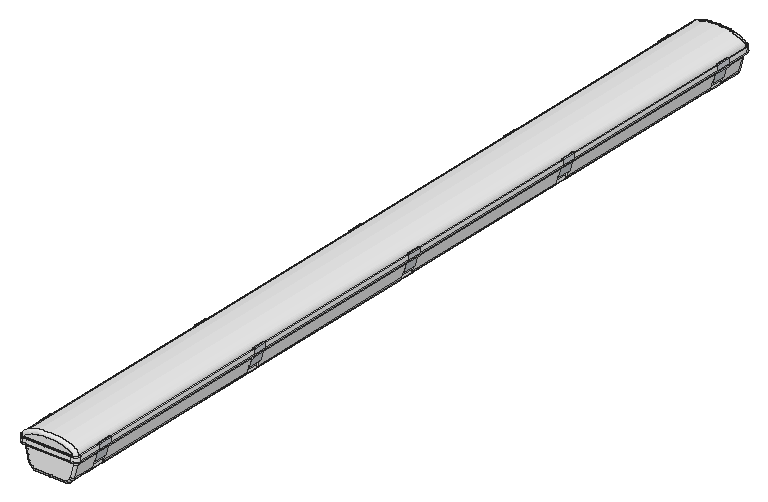
Revit family "0067962 Sylvania Lighting Fixture START Waterproof Twin 1500 IP65 EM 7100lm 840", category Lighting Fixtures, host Face, Revit 2016
Family settings
  Host = Face
  Part Type = Normal
  Round Connector Dimension = Use Diameter
  OmniClass Number = 23.80.70.11.14
  OmniClass Title = General Luminaries, Directional
  Cut with Voids When Loaded = No
  Light Source = Yes
  Shared = No
  Room Calculation Point = No
Parameters (values of type "0067962 ST WTRPRF T 1500 IP65 EM 7100LM 840")
  Width = 110 mm
  Weight = "kg"
  Wattage Comments = "n/a"
  Wattage = 60 W
  WarrantyStartDate [instance] = "n/a"
  WarrantyGuarantorParts = "n/a"
  WarrantyDurationUnit = "n/a"
  WarrantyDurationParts = "n/a"
  WarrantyDescription = "n/a"
  built-in parameter 1150110 = 1 (stored number, unit not read)
  Voltage = 0 V
  URL = "http://www.sylvania-lighting.com"
  TypeName = "START Waterproof Twin 1500 IP65 EM 7100lm 840"
  Type Image = <None>
  Type Comments = "n/a"
  built-in parameter 1114217 = 1 (stored number, unit not read)
  Tilt Angle = -90.00°
  built-in parameter 1150109 = 1 (stored number, unit not read)
  built-in parameter 1150134 = 12
  built-in parameter 1150113 = 1 (stored number, unit not read)
  SerialNumber [instance] = "n/a"
  ReflectorMaterial = none
  PowerFactor = 0
  PowerConsumption = "60 W"
  Photometric Web File = "0067962.ies"
  NominalWidth = 0 mm
  NominalLength = 1578 mm
  NominalHeight = 78 mm
  Name = "START Waterproof Twin 1500 IP65 EM 7100lm 840"
  ModelReference = "START Waterproof Twin 1500 IP65 EM 7100lm 840"
  ModelNumber = "0067962"
  Model = "START Waterproof Twin 1500 IP65 EM 7100lm 840"
  Material = "polycarbonate housing, polycarbonate diffuser"
  ManufacturerName = "Feilo Sylvania"
  Manufacturer = "Feilo Sylvania"
  LuminousEfficacy = "118 lm/W"
  built-in parameter 1150105 = 563.41 (stored number, unit not read)
  Lumens = 7080 lm
  LuminaireType = ""
  built-in parameter 1150115 = 1 (stored number, unit not read)
  LightOutputRatio = "n/a"
  built-in parameter 1150137 = (empty or 0)
  built-in parameter 1150139 = (empty or 0)
  Length = 1572 mm
  LampsType = Lamp  # "LED"
  LampNominalLuminous = "7050 lm"
  LampMacAdamStep = "n/a"
  LampColourTemperature = "4000 K"
  LampColourRenderingIndex = "80"
  built-in parameter 1150112 = 1 (stored number, unit not read)
  built-in parameter 1150114 = 1 (stored number, unit not read)
  Lamp = "LED"
  Keynote = "16500"
  InstallationDate [instance] = "n/a"
  InputVoltage = "n/a"
  InputNominalFrequency = "n/a"
  built-in parameter 1150132 = (empty or 0)
  built-in parameter 1150102 = (empty or 0)
  built-in parameter 1150107 = 4000 (stored number, unit not read)
  built-in parameter 1150138 = (empty or 0)
  IngressProtection = "IP65"
  ImpactProtectionIndex = "IK08"
  built-in parameter 1150106 = 5.6341 (stored number, unit not read)
  IfcExportType = "IfcLightFixtureType"
  IfcExportAs = "IfcLightFixtureType"
  ExpectedLife = 50000
  Emit from Rectangle Width = Width - 20 mm  # 90 mm
  Emit from Rectangle Length = Length - 20 mm  # 1552 mm
  Emit Shape Visible in Rendering = no
  ElectricShockClassification = "Class I"
  built-in parameter 1150104 = 10.963 (stored number, unit not read)
  DurationUnit = "hours"
  DocumentationLiterature = "http://www.sylvania-lighting.com/product/en-int/products/0067962"
  DimmingControlOptions = "n/a"
  Dimming Lamp Color Temperature Shift = <None>
  DiffuserMaterial = Diffuser-Sylvania-Transparent
  Description = ""
  Default Elevation = 1219.2 mm
  CreatedOn = "11/27/2018"
  CreatedBy = "@sylvania-lighting.com"
  Cost = 0
  Color Filter = 16777215
  built-in parameter 1114216 [instance] = (empty or 0)
  ClassificationValue = "EF_70_80"
  ClassificationName = "Uniclass2015"
  BodyMaterial = Body-Sylvania-Gray
  BarCode [instance] = "n/a"
  built-in parameter 1114218 = 1 (stored number, unit not read)
  built-in parameter 1150133 = 10 (stored number, unit not read)
  AssetType = "Fixed"
  AssetIdentifier [instance] = "n/a"
  Assembly Code = "D5020200"
  Apparent Load = 60 VA
  AccessoryMaterial = Diffuser-Sylvania-Glow
Types (2, lengths in mm): name | Photometric Web File | LuminousEfficacy | built-in parameter 1150105 | Lumens | LampNominalLuminous | built-in parameter 1150106 | built-in parameter 1150104
  0067962 ST WTRPRF T 1500 IP65 EM 7100LM 840 | "0067962.ies" | "118 lm/W" | 563.41 (stored number, unit not read) | 7080 lm | "7050 lm" | 5.6341 (stored number, unit not read) | 10.963 (stored number, unit not read)
  0067962 ST WTRPRF T 1500 IP65 EM 7100LM 840 Emergency mode | "0067962EM.ies" | "3.504 lm/W" | 68.53 (stored number, unit not read) | 210 lm | "210 lm" | 0.6853 (stored number, unit not read) | 0.32516 (stored number, unit not read)
Reference planes
  plane 1 "Center (Front/Back)": y = 0
  plane 2: z = 0
  plane 3 "Center (Left/Right)": x = 0
  plane 4: z = 54
  plane 5: x = -27.7
  plane 6: x = -34.8
  plane 7: x = -39.6
  plane 8: x = -42.2
  plane 9: z = 3
  plane 10: z = 7.8
  plane 11: z = 12.3
  plane 12: z = 36.6
  plane 13: z = 42.8
  plane 14: x = -51.1
  plane 15: z = 46.2
  plane 16: x = -55
  plane 17: y = 786
  plane 18: y = -786
  plane 19: x = 27.7
  plane 20: x = 34.8
  plane 21: x = 39.6
  plane 22: x = 42.2
  plane 23: x = 51.1
  plane 24: x = 55
  plane 25: y = 778.4
  plane 26: y = -778.4
  plane 27: y = -774.7
  plane 28: y = 774.7
  plane 29: z = 74
  plane 30: x = -51.5
  plane 31: x = 51.5
  plane 32: z = 55.2
  plane 33: y = -782.5
  plane 34: y = 782.5
  plane 35: x = -37.5
  plane 36: x = 37.5
  plane 37: x = -48.7
  plane 38: x = 48.7
  plane 39: x = 18
  plane 40: x = -18
  plane 41: z = 50.2
  plane 42: z = 24.6
  plane 43: y = 720
  plane 44: y = 706
  plane 45: y = 734
  plane 46: y = -720
  plane 47: y = 720
  plane 48: y = 706
  plane 49: y = 734
  plane 50: y = -720
  plane 51: y = -734
  plane 52: y = -706
  plane 53: y = 360
  plane 54: y = 346
  plane 55: y = 374
  plane 56: y = 0
  plane 57: y = -14
  plane 58: y = 14
  plane 59: y = -360
  plane 60: y = -374
  plane 61: y = -346
Forms (mm)
  Sweep 1, solid, material "Body-Sylvania-Gray" <- "BodyMaterial", detail levels medium+fine
    path origin (1223.4, -4572, 54) x (0, -1, 0) y (1, 0, 0)
      loop
        arc (-3796, -1278.4) -> (-3788.929, -1275.471) -> (-3786, -1268.4) r 10
        line (-3786, -1268.4) -> (-3786, -1178.4)
        arc (-3786, -1178.4) -> (-3788.929, -1171.329) -> (-3796, -1168.4) r 10
        line (-3796, -1168.4) -> (-5348, -1168.4)
        arc (-5348, -1168.4) -> (-5355.071, -1171.329) -> (-5358, -1178.4) r 10
        line (-5358, -1178.4) -> (-5358, -1268.4)
        arc (-5358, -1268.4) -> (-5355.071, -1275.471) -> (-5348, -1278.4) r 10
        line (-5348, -1278.4) -> (-3796, -1278.4)
    profile origin (-55, 0, 54) x (-1, 0, 0) y (0, 0, 1)
      loop
        line (0, 0) -> (-1, 0) -> (-1, -7.726)
        arc (-1, -7.726) -> (-1.994, -9.498) -> (-3.9, -10.2) r 2.937
        line (-3.9, -10.2) -> (-8.571, -10.2) -> (-8.571, -11.2) -> (-3.9, -11.2)
        arc (-3.9, -11.2) -> (-1.313, -10.231) -> (0, -7.8) r 3.937
        line (0, -7.8) -> (0, 0)
  Sweep 2, solid, material "Body-Sylvania-Gray" <- "BodyMaterial", detail levels medium+fine
    path origin (0, 0, 0) x (1, 0, 0) y (0, 0, 1)
      loop
        line (48.7, 42.8) -> (48.7, 36.6) -> (42.203, 12.31)
        arc (42.203, 12.31) -> (41.199, 9.884) -> (39.6, 7.8) r 10.052
        line (39.6, 7.8) -> (34.8, 3)
        arc (34.8, 3) -> (31.554, 0.781) -> (27.7, 0) r 9.902
        line (27.7, 0) -> (0, 0) -> (-27.7, 0)
        arc (-27.7, 0) -> (-31.554, 0.781) -> (-34.8, 3) r 9.902
        line (-34.8, 3) -> (-39.6, 7.8)
        arc (-39.6, 7.8) -> (-41.199, 9.884) -> (-42.203, 12.31) r 10.052
        line (-42.203, 12.31) -> (-48.7, 36.6) -> (-48.7, 42.8)
    profile origin (0, 0, 0) x (0, 0, -1) y (0, -1, 0)
      loop
        arc (0, 773.4) -> (-1.464, 776.936) -> (-5, 778.4) r 5
        line (-5, 778.4) -> (-7.8, 778.4) -> (-7.8, -778.4) -> (-5, -778.4)
        arc (-5, -778.4) -> (-1.464, -776.936) -> (0, -773.4) r 5
        line (0, -773.4) -> (0, 773.4)
  Extrusion 3, solid, material "Body-Sylvania-Gray" <- "BodyMaterial", detail levels medium+fine
    sketch origin (1524, 778.4, 1219.2) x (1, 0, 0) y (0, 0, 1)
      loop
        arc (-1558.668, -1204.874) -> (-1558.443, -1205.418) -> (-1558.085, -1205.885) r 2.252
        line (-1558.085, -1205.885) -> (-1553.231, -1210.738)
        arc (-1553.231, -1210.738) -> (-1552.534, -1211.227) -> (-1551.7, -1211.4) r 2.102
        line (-1551.7, -1211.4) -> (-1496.3, -1211.4)
        arc (-1496.3, -1211.4) -> (-1495.466, -1211.227) -> (-1494.769, -1210.738) r 2.102
        line (-1494.769, -1210.738) -> (-1489.915, -1205.885)
        arc (-1489.915, -1205.885) -> (-1489.557, -1205.418) -> (-1489.332, -1204.874) r 2.252
        line (-1489.332, -1204.874) -> (-1483.1, -1181.575) -> (-1483.1, -1176.4) -> (-1564.9, -1176.4) -> (-1564.9, -1181.575) -> (-1558.668, -1204.874)
    from 0 to 1556.8
  Sweep 4, solid, material "Diffuser-Sylvania-Transparent" <- "DiffuserMaterial", detail levels medium+fine
    path origin (0, 0, 0) x (1, 0, 0) y (0, 0, 1)
      loop
        spline (-51.5, 55.2) -> (-49.745, 60.066) -> (-44.6, 64.6) -> (-36.416, 68.494) -> (-25.75, 71.481) -> (-13.329, 73.359) -> (0, 74) -> (13.329, 73.359) -> (25.75, 71.481) -> (36.416, 68.494) -> (44.6, 64.6) -> (49.745, 60.066) -> (51.5, 55.2)
    profile origin (51.5, 0, 55.2) x (0, -1, 0) y (1, 0, 0)
      loop
        arc (782.5, -5.5) -> (780.889, -1.611) -> (777, 0) r 5.5
        line (777, 0) -> (-777, 0)
        arc (-777, 0) -> (-780.889, -1.611) -> (-782.5, -5.5) r 5.5
        line (-782.5, -5.5) -> (-782.5, -6.3) -> (-781.5, -6.3) -> (-781.5, -5.5)
        arc (-781.5, -5.5) -> (-780.182, -2.318) -> (-777, -1) r 4.5
        line (-777, -1) -> (777, -1)
        arc (777, -1) -> (780.182, -2.318) -> (781.5, -5.5) r 4.5
        line (781.5, -5.5) -> (781.5, -6.347) -> (782.5, -6.347) -> (782.5, -5.5)
  Extrusion 5, solid, material "Diffuser-Sylvania-Transparent" <- "DiffuserMaterial", detail levels medium+fine
    sketch origin (1524, -782.5, 1219.2) x (1, 0, 0) y (0, 0, 1)
      loop
        line (-1569.653, -1164) -> (-1478.347, -1164)
        spline (-1478.347, -1164) -> (-1478.969, -1162.594) -> (-1482.527, -1159.545) -> (-1489.588, -1156.201) -> (-1499.458, -1153.445) -> (-1511.242, -1151.663) -> (-1524, -1151.049) -> (-1536.758, -1151.663) -> (-1548.542, -1153.445) -> (-1558.412, -1156.201) -> (-1565.473, -1159.545) -> (-1569.031, -1162.594) -> (-1569.653, -1164)
    from 0 to -1
  Extrusion 6, solid, material "Diffuser-Sylvania-Transparent" <- "DiffuserMaterial", detail levels medium+fine
    sketch origin (1524, 782.5, 1219.2) x (1, 0, 0) y (0, 0, 1)
      loop
        spline (-1478.3, -1164) -> (-1478.931, -1162.565) -> (-1482.502, -1159.505) -> (-1489.572, -1156.155) -> (-1499.446, -1153.394) -> (-1511.236, -1151.614) -> (-1524, -1151.007) -> (-1536.764, -1151.614) -> (-1548.554, -1153.394) -> (-1558.428, -1156.155) -> (-1565.498, -1159.505) -> (-1569.069, -1162.565) -> (-1569.7, -1164)
        line (-1569.7, -1164) -> (-1478.3, -1164)
    from 0 to 1
  Extrusion 7, solid, material "Diffuser-Sylvania-Transparent" <- "DiffuserMaterial", detail levels medium+fine
    sketch origin (1223.4, -4572, 55.2) x (0, -1, 0) y (-1, 0, 0)
      loop
        arc (-5353.5, 1177.4) -> (-5352.182, 1174.218) -> (-5349, 1172.9) r 4.5
        line (-5349, 1172.9) -> (-3795, 1172.9)
        arc (-3795, 1172.9) -> (-3791.818, 1174.218) -> (-3790.5, 1177.4) r 4.5
        line (-3790.5, 1177.4) -> (-3790.5, 1269.4)
        arc (-3790.5, 1269.4) -> (-3791.818, 1272.582) -> (-3795, 1273.9) r 4.5
        line (-3795, 1273.9) -> (-5349, 1273.9)
        arc (-5349, 1273.9) -> (-5352.182, 1272.582) -> (-5353.5, 1269.4) r 4.5
        line (-5353.5, 1269.4) -> (-5353.5, 1177.4)
      loop
        line (-5358, 1268.4) -> (-5358, 1178.4)
        arc (-5358, 1178.4) -> (-5355.071, 1171.329) -> (-5348, 1168.4) r 10
        line (-5348, 1168.4) -> (-3796, 1168.4)
        arc (-3796, 1168.4) -> (-3788.929, 1171.329) -> (-3786, 1178.4) r 10
        line (-3786, 1178.4) -> (-3786, 1268.4)
        arc (-3786, 1268.4) -> (-3788.929, 1275.471) -> (-3796, 1278.4) r 10
        line (-3796, 1278.4) -> (-5348, 1278.4)
        arc (-5348, 1278.4) -> (-5355.071, 1275.471) -> (-5358, 1268.4) r 10
    from 0 to 1.2
  Extrusion 8, solid, material "Diffuser-Sylvania-Glow" <- "AccessoryMaterial", detail levels fine
    sketch origin (0, 0, 0) x (1, 0, 0) y (0, 0, 1)
      loop
        circle (-18, 50.2) r 8
      loop
        circle (18, 50.2) r 8
    from -774.7 to 774.7
  Extrusion 9, void
    sketch origin (0, 720, 2343.807) x (0, 0, -1) y (-1, 0, 0)
      loop
        line (2340.807, -37.5) -> (2331.507, -37.5) -> (2319.207, -42.2) -> (2319.207, -48.7) -> (2340.807, -48.7) -> (2340.807, -37.5)
      loop
        line (2340.807, 37.5) -> (2340.807, 48.7) -> (2319.207, 48.7) -> (2319.207, 42.2) -> (2331.507, 37.5) -> (2340.807, 37.5)
    from -14 to 14
  Extrusion 10, solid, material "Body-Sylvania-Gray" <- "BodyMaterial", detail levels coarse
    sketch origin (0, 0, 0) x (1, 0, 0) y (0, 0, 1)
      loop
        line (55, 42.8) -> (55, 55.2) -> (-55, 55.2) -> (-55, 42.791) -> (-42.2, 0) -> (42.2, 0) -> (55, 42.8)
    from -786 to 786
  Extrusion 11, solid, material "Diffuser-Sylvania-Transparent" <- "DiffuserMaterial", detail levels coarse
    sketch origin (0, 0, 0) x (1, 0, 0) y (0, 0, 1)
      loop
        arc (51.5, 55.2) -> (0, 74) -> (-51.5, 55.2) r 79.939
        line (-51.5, 55.2) -> (51.5, 55.2)
    from 778.4 to -778.4
  Extrusion 12, void, not visible
    sketch origin (0, 720, 2343.807) x (0, 0, -1) y (-1, 0, 0)
      loop
        line (2340.807, -37.5) -> (2331.507, -37.5) -> (2319.207, -42.2) -> (2319.207, -48.7) -> (2340.807, -48.7) -> (2340.807, -37.5)
      loop
        line (2340.807, 37.5) -> (2340.807, 48.7) -> (2319.207, 48.7) -> (2319.207, 42.2) -> (2331.507, 37.5) -> (2340.807, 37.5)
    from -14 to 14
  Extrusion 13, void
    sketch origin (0, -720, 2343.807) x (0, 0, -1) y (-1, 0, 0)
      loop
        line (2340.807, -37.5) -> (2331.507, -37.5) -> (2319.207, -42.2) -> (2319.207, -48.7) -> (2340.807, -48.7) -> (2340.807, -37.5)
      loop
        line (2340.807, 37.5) -> (2340.807, 48.7) -> (2319.207, 48.7) -> (2319.207, 42.2) -> (2331.507, 37.5) -> (2340.807, 37.5)
    from -14 to 14
  Extrusion 14, void
    sketch origin (0, 360, 2343.807) x (0, 0, -1) y (-1, 0, 0)
      loop
        line (2340.807, -37.5) -> (2331.507, -37.5) -> (2319.207, -42.2) -> (2319.207, -48.7) -> (2340.807, -48.7) -> (2340.807, -37.5)
      loop
        line (2340.807, 37.5) -> (2340.807, 48.7) -> (2319.207, 48.7) -> (2319.207, 42.2) -> (2331.507, 37.5) -> (2340.807, 37.5)
    from -14 to 14
  Extrusion 15, void
    sketch origin (0, 0, 2343.807) x (0, 0, -1) y (-1, 0, 0)
      loop
        line (2340.807, -37.5) -> (2331.507, -37.5) -> (2319.207, -42.2) -> (2319.207, -48.7) -> (2340.807, -48.7) -> (2340.807, -37.5)
      loop
        line (2340.807, 37.5) -> (2340.807, 48.7) -> (2319.207, 48.7) -> (2319.207, 42.2) -> (2331.507, 37.5) -> (2340.807, 37.5)
    from -14 to 14
  Extrusion 16, void
    sketch origin (0, -360, 2343.807) x (0, 0, -1) y (-1, 0, 0)
      loop
        line (2340.807, -37.5) -> (2331.507, -37.5) -> (2319.207, -42.2) -> (2319.207, -48.7) -> (2340.807, -48.7) -> (2340.807, -37.5)
      loop
        line (2340.807, 37.5) -> (2340.807, 48.7) -> (2319.207, 48.7) -> (2319.207, 42.2) -> (2331.507, 37.5) -> (2340.807, 37.5)
    from -14 to 14
Cuts and joins
  Extrusion 9, Extrusion 13, Extrusion 14, Extrusion 15, Extrusion 16 cuts Sweep 2
  Extrusion 13, Extrusion 14, Extrusion 15, Extrusion 16 cuts Extrusion 3
  joined: Sweep 2, Extrusion 3
  joined: Sweep 4, Extrusion 5, Extrusion 6
Dimensions and locks
  locked: plane 4 to plane 2 at 54
  plane 5 to plane 6 to plane 7 to plane 8 to plane 14 to plane 16 = 7.1 mm locked, 4.8 mm locked, 2.6 mm locked, 8.9 mm, 3.9 mm
  plane 4 to plane 15 to plane 13 to plane 12 to plane 11 to plane 10 to plane 9 = 7.8 mm locked, 3.4 mm, 6.2 mm locked, 24.3 mm locked, 4.5 mm locked, 4.8 mm locked
  equal spacing: plane 18, plane 1 "Center (Front/Back)", plane 17
  "Length": plane 18 to plane 17
  plane 19 to plane 20 to plane 21 to plane 22 to plane 23 to plane 24 = 7.1 mm locked, 4.8 mm locked, 2.6 mm locked, 8.9 mm, 3.9 mm
  equal spacing: plane 24, plane 3 "Center (Left/Right)", plane 16
  "Width": plane 24 to plane 16
  equal spacing: plane 27, plane 1 "Center (Front/Back)", plane 28
  locked: plane 26 to plane 27 at 3.7
  locked: Sweep 1 sketch curve to profile plane at 1
  locked: Sweep 1 sketch curve to plane 13 at 1
  locked: Sweep 1 sketch curve to plane 13 at 3.937  (x2)
  locked: Sweep 1 sketch curve to profile plane at 3.9  (x2)
  locked: plane 29 to plane 4 at 20
  equal spacing: plane 31, plane 3 "Center (Left/Right)", plane 30
  locked: plane 30 to plane 16 at 3.5
  locked: plane 32 to plane 4 at 1.2
  equal spacing: plane 33, plane 1 "Center (Front/Back)", plane 34
  equal spacing: plane 36, plane 3 "Center (Left/Right)", plane 35
  locked: plane 3 "Center (Left/Right)" to plane 35 at 37.5
  locked: plane 34 to plane 17 at 3.5
  equal spacing: plane 38, plane 3 "Center (Left/Right)", plane 37
  locked: plane 37 to plane 16 at 6.3
  equal spacing: plane 25, plane 1 "Center (Front/Back)", plane 26
  locked: plane 17 to plane 25 at 7.6
  locked: Sweep 2 sketch curve to plane 2 at 5  (x2)
  locked: Sweep 2 sketch curve to plane 26 at 5
  locked: plane 25 to Sweep 2 sketch curve at 5
  locked: Sweep 4 sketch curve to plane 31 at 5.5  (x2)
  locked: Sweep 4 sketch curve to plane 34 at 5.5
  plane 33 to Sweep 4 sketch curve = 5.5 mm
  locked: plane 34 to Sweep 4 sketch curve at 1
  locked: Sweep 4 sketch curve to plane 31 at 1
  locked: Sweep 4 sketch curve to Sweep 4 sketch curve at 1
  locked: Sweep 4 sketch curve to plane 31 at 6.347
  locked: Sweep 4 sketch curve to plane 31 at 6.3
  equal spacing: plane 39, plane 3 "Center (Left/Right)", plane 40
  locked: plane 3 "Center (Left/Right)" to plane 40 at 18
  locked: plane 42 to plane 2 at 24.6
  plane 45 to plane 43 to plane 44 = 14 mm locked, 14 mm locked
  locked: plane 17 to plane 43 at 66
  equal spacing: plane 43, plane 1 "Center (Front/Back)", plane 46
  plane 49 to plane 47 to plane 48 = 14 mm locked, 14 mm locked
  plane 52 to plane 50 to plane 51 = 14 mm locked, 14 mm locked  (x2)
  equal spacing: group 1, group 6, group 7, group 8, group 5  (x2)
  equal spacing: group 5, group 8, group 7, group 6, group 1
  plane 55 to plane 53 to plane 54 = 14 mm locked, 14 mm locked  (x2)
  plane 58 to plane 56 to plane 57 = 14 mm locked, 14 mm locked  (x2)
  plane 61 to plane 59 to plane 60 = 14 mm locked, 14 mm locked  (x2)
  plane 43 to plane 53 to plane 1 "Center (Front/Back)" to plane 59 to plane 50 = 360 mm locked, 360 mm locked, 360 mm locked, 360 mm locked
  aligned and locked: plane 2 to host face
  aligned and locked: level to host face
  aligned and locked: plane 16 to Sweep 1 sketch curve
  aligned and locked: Sweep 1 sketch curve to plane 24
  aligned and locked: plane 18 to Sweep 1 sketch curve
  aligned and locked: Sweep 1 sketch curve to plane 13
  aligned and locked: profile plane to Sweep 1 sketch curve
  aligned and locked: plane 3 "Center (Left/Right)" to Sweep 2 sketch curve
  aligned and locked: plane 9 to Sweep 2 sketch curve
  aligned and locked: plane 10 to Sweep 2 sketch curve
  aligned and locked: plane 37 to Sweep 2 sketch curve
  aligned and locked: plane 12 to Sweep 2 sketch curve
  aligned and locked: Sweep 2 sketch curve to level
  aligned and locked: plane 21 to Sweep 2 sketch curve
  aligned and locked: plane 38 to Sweep 2 sketch curve
  aligned and locked: profile plane to Sweep 2 sketch curve
  aligned and locked: plane 25 to Sweep 2 sketch curve
  aligned and locked: Sweep 2 sketch curve to plane 10
  aligned and locked: Extrusion 3 sketch curve to Sweep 2  (x7)
  aligned and locked: Sweep 2 to Extrusion 3 sketch curve
  aligned and locked: Extrusion 3 to plane 25
  aligned and locked: plane 26 to Extrusion 3
  aligned and locked: plane 32 to Sweep 4 sketch curve
  aligned and locked: plane 33 to Sweep 4 sketch curve
  aligned and locked: Sweep 4 to Extrusion 5
  aligned and locked: plane 33 to Extrusion 5
  aligned and locked: Extrusion 5 sketch curve to Sweep 4
  aligned and locked: cut or joined group of Sweep 4, Extrusion 5, Extrusion 6 to Extrusion 6 sketch curve
  aligned and locked: Extrusion 7 sketch curve to cut or joined group of Sweep 4, Extrusion 5, Extrusion 6  (x2)
  aligned and locked: cut or joined group of Sweep 4, Extrusion 5, Extrusion 6 to Extrusion 7 sketch curve  (x2)
  aligned and locked: plane 41 to Extrusion 8 sketch curve  (x2)
  aligned and locked: plane 39 to Extrusion 8 sketch curve
  aligned and locked: plane 27 to Extrusion 8
  aligned and locked: Extrusion 8 to plane 28
  aligned and locked: Extrusion 9 to plane 42
  aligned and locked: plane 9 to Extrusion 9
  aligned and locked: plane 44 to Extrusion 9
  aligned and locked: Extrusion 9 to plane 45
  aligned and locked: Extrusion 7 sketch curve to Sweep 1  (x4)
  aligned and locked: plane 4 to Extrusion 7
  aligned and locked: Extrusion 7 to plane 32
  aligned and locked: nested 2 to plane 43
  aligned and locked: plane 43 to nested 1
  aligned and locked: Extrusion 10 sketch curve to plane 24
  aligned and locked: Extrusion 10 sketch curve to Extrusion 7
  aligned and locked: plane 8 to Extrusion 10 sketch curve
  aligned and locked: plane 22 to Extrusion 10 sketch curve
  aligned and locked: level to Extrusion 10 sketch curve
  aligned and locked: Extrusion 10 to plane 17
  aligned and locked: plane 18 to Extrusion 10
  aligned and locked: cut or joined group of Sweep 4, Extrusion 5, Extrusion 6 to Extrusion 11 sketch curve
  aligned and locked: Extrusion 11 sketch curve to cut or joined group of Sweep 4, Extrusion 5, Extrusion 6  (x2)
  aligned and locked: plane 31 to Extrusion 11 sketch curve
  aligned and locked: plane 30 to Extrusion 11 sketch curve
  aligned and locked: plane 26 to Extrusion 11
  aligned and locked: Extrusion 11 to plane 25
  aligned and locked: imposter light to plane 29
  aligned and locked: plane 3 "Center (Left/Right)" to imposter light
  aligned and locked: plane 1 "Center (Front/Back)" to imposter light
  aligned and locked: plane 51 to Extrusion 13
  aligned and locked: Extrusion 13 to plane 52
  aligned and locked: plane 54 to Extrusion 14
  aligned and locked: Extrusion 14 to plane 55
  aligned and locked: plane 57 to Extrusion 15
  aligned and locked: Extrusion 15 to plane 58
  aligned and locked: plane 60 to Extrusion 16
  aligned and locked: Extrusion 16 to plane 61
  aligned and locked: nested 3 to plane 53
  aligned and locked: plane 53 to nested 10
  aligned and locked: nested 4 to plane 56
  aligned and locked: plane 56 to nested 9
  aligned and locked: nested 5 to plane 59
  aligned and locked: plane 59 to nested 8
  aligned and locked: nested 6 to plane 50
  aligned and locked: plane 50 to nested 7
Automatic sketch dimensions
  host sketch curve to host sketch curve = 2438.4 mm  (x2)
  plane 17 to Sweep 1 sketch curve = 0 mm
  Sweep 1 sketch curve to plane 28 = 1.3 mm
  Sweep 1 sketch curve to plane 7 = 5.4 mm
  plane 27 to Sweep 1 sketch curve = 1.3 mm  (x2)
  Sweep 1 sketch curve to Sweep 1 sketch curve = 4.671 mm
  Sweep 1 sketch curve to plane 4 = 0 mm
  Sweep 2 sketch curve to plane 7 = 0 mm
  Sweep 2 sketch curve to plane 6 = 0 mm
  Sweep 2 sketch curve to plane 5 = 0 mm
  plane 19 to Sweep 2 sketch curve = 0 mm
  Sweep 2 sketch curve to plane 9 = 0 mm
  plane 20 to Sweep 2 sketch curve = 0 mm
  Sweep 2 sketch curve to plane 12 = 0 mm
  Sweep 2 sketch curve to plane 10 = 0 mm
  Sweep 2 sketch curve to plane 13 = 0 mm  (x2)
  Sweep 2 sketch curve to plane 8 = 0.003 mm
  plane 6 to Sweep 2 sketch curve = 2.308 mm
  plane 20 to Sweep 2 sketch curve = 2.308 mm
  Sweep 2 sketch curve to plane 22 = 0.003 mm
  Sweep 2 sketch curve to plane 11 = 0.01 mm  (x2)
  Extrusion 3 sketch curve to plane 5 = 0 mm
  plane 19 to Extrusion 3 sketch curve = 0 mm
  plane 6 to Extrusion 3 sketch curve = 0.132 mm
  plane 6 to Extrusion 3 sketch curve = 0.715 mm
  Extrusion 3 sketch curve to Extrusion 3 sketch curve = 1.592 mm
  Extrusion 3 sketch curve to plane 10 = 0.662 mm  (x2)
  plane 20 to Extrusion 3 sketch curve = 2.308 mm
  plane 20 to Extrusion 3 sketch curve = 0.715 mm
  plane 20 to Extrusion 3 sketch curve = 0.132 mm
  Sweep 4 sketch curve to plane 30 = 0 mm
  Sweep 4 sketch curve to plane 3 "Center (Left/Right)" = 0 mm
  Sweep 4 sketch curve to Sweep 4 sketch curve = 0 mm  (x2)
  plane 37 to Extrusion 5 sketch curve = 3.047 mm
  Extrusion 5 sketch curve to plane 38 = 3.047 mm
  plane 37 to Extrusion 6 sketch curve = 3 mm
  Extrusion 6 sketch curve to plane 38 = 3 mm
  plane 25 to Extrusion 7 sketch curve = 1.4 mm  (x2)
  Extrusion 7 sketch curve to plane 26 = 1.4 mm  (x2)
  Extrusion 8 sketch curve to plane 40 = 0 mm
  Extrusion 9 sketch curve to Extrusion 9 sketch curve = 0 mm
  Extrusion 9 sketch curve to Extrusion 9 sketch curve = 12.3 mm  (x2)
  Extrusion 9 sketch curve to Extrusion 9 sketch curve = 9.3 mm  (x2)
  Extrusion 9 sketch curve to Extrusion 9 sketch curve = 6.5 mm
  Extrusion 9 sketch curve to Extrusion 9 sketch curve = 4.7 mm  (x2)
  Extrusion 9 sketch curve to Extrusion 9 sketch curve = 75 mm
  Extrusion 9 sketch curve to Extrusion 9 sketch curve = 11.2 mm
  Extrusion 10 sketch curve to plane 13 = 0 mm
  plane 13 to Extrusion 10 sketch curve = 0.009 mm
  Extrusion 11 sketch curve to level = 5.939 mm
  Extrusion 10 sketch curve to plane 16 = 0 mm
  Extrusion 12 sketch curve to Extrusion 12 sketch curve = 0 mm
  Extrusion 12 sketch curve to Extrusion 12 sketch curve = 12.3 mm  (x2)
  Extrusion 12 sketch curve to Extrusion 12 sketch curve = 9.3 mm  (x2)
  Extrusion 12 sketch curve to Extrusion 12 sketch curve = 6.5 mm
  Extrusion 12 sketch curve to Extrusion 12 sketch curve = 4.7 mm  (x2)
  Extrusion 12 sketch curve to Extrusion 12 sketch curve = 75 mm
  Extrusion 12 sketch curve to Extrusion 12 sketch curve = 11.2 mm
  Extrusion 13 sketch curve to Extrusion 13 sketch curve = 0 mm
  Extrusion 13 sketch curve to Extrusion 13 sketch curve = 12.3 mm  (x2)
  Extrusion 13 sketch curve to Extrusion 13 sketch curve = 9.3 mm  (x2)
  Extrusion 13 sketch curve to Extrusion 13 sketch curve = 6.5 mm
  Extrusion 13 sketch curve to Extrusion 13 sketch curve = 4.7 mm  (x2)
  Extrusion 13 sketch curve to Extrusion 13 sketch curve = 75 mm
  Extrusion 13 sketch curve to Extrusion 13 sketch curve = 11.2 mm
  Extrusion 14 sketch curve to Extrusion 14 sketch curve = 0 mm
  Extrusion 14 sketch curve to Extrusion 14 sketch curve = 12.3 mm  (x2)
  Extrusion 14 sketch curve to Extrusion 14 sketch curve = 9.3 mm  (x2)
  Extrusion 14 sketch curve to Extrusion 14 sketch curve = 6.5 mm
  Extrusion 14 sketch curve to Extrusion 14 sketch curve = 4.7 mm  (x2)
  Extrusion 14 sketch curve to Extrusion 14 sketch curve = 75 mm
  Extrusion 14 sketch curve to Extrusion 14 sketch curve = 11.2 mm
  Extrusion 15 sketch curve to Extrusion 15 sketch curve = 0 mm
  Extrusion 15 sketch curve to Extrusion 15 sketch curve = 12.3 mm  (x2)
  Extrusion 15 sketch curve to Extrusion 15 sketch curve = 9.3 mm  (x2)
  Extrusion 15 sketch curve to Extrusion 15 sketch curve = 6.5 mm
  Extrusion 15 sketch curve to Extrusion 15 sketch curve = 4.7 mm  (x2)
  Extrusion 15 sketch curve to Extrusion 15 sketch curve = 75 mm
  Extrusion 15 sketch curve to Extrusion 15 sketch curve = 11.2 mm
  Extrusion 16 sketch curve to Extrusion 16 sketch curve = 0 mm
  Extrusion 16 sketch curve to Extrusion 16 sketch curve = 12.3 mm  (x2)
  Extrusion 16 sketch curve to Extrusion 16 sketch curve = 9.3 mm  (x2)
  Extrusion 16 sketch curve to Extrusion 16 sketch curve = 6.5 mm
  Extrusion 16 sketch curve to Extrusion 16 sketch curve = 4.7 mm  (x2)
  Extrusion 16 sketch curve to Extrusion 16 sketch curve = 75 mm
  Extrusion 16 sketch curve to Extrusion 16 sketch curve = 11.2 mm
  radius of Extrusion 8 sketch curve = 8 mm  (x2)
Nested families
  nested 1: "Clip" at (42.2, 720, 24.6), type "Clip", detail levels fine
  nested 2: "Clip" at (-42.2, 720, 24.6) x (-1, 0, 0) z (0, 0, 1), type "Clip", detail levels fine
  nested 3: "Clip" at (-42.2, 360, 24.6) x (-1, 0, 0) z (0, 0, 1), type "Clip", detail levels fine
  nested 4: "Clip" at (-42.2, 0, 24.6) x (-1, 0, 0) z (0, 0, 1), type "Clip", detail levels fine
  nested 5: "Clip" at (-42.2, -360, 24.6) x (-1, 0, 0) z (0, 0, 1), type "Clip", detail levels fine
  nested 6: "Clip" at (-42.2, -720, 24.6) x (-1, 0, 0) z (0, 0, 1), type "Clip", detail levels fine
  nested 7: "Clip" at (42.2, -720, 24.6), type "Clip", detail levels fine
  nested 8: "Clip" at (42.2, -360, 24.6), type "Clip", detail levels fine
  nested 9: "Clip" at (42.2, 0, 24.6), type "Clip", detail levels fine
  nested 10: "Clip" at (42.2, 360, 24.6), type "Clip", detail levels fine
Connectors
  electrical at (0, 0, 0), driven by "Apparent Load"
    settings: index 1, voltage 230 V, apparent load 60 VA, apparent load phase1 0 VA, apparent load phase2 0 VA, apparent load phase3 0 VA, power factor 0, load classification "Lighting", number of poles 1, system type 30, power factor state 1, is connector primary yes, connector utility no, sub classification motor no, connector description ""
Definition of nested family "Clip"
  Parameters (values of type "Clip")
    URL = "http://www.feilosylvania.com"
    Type Comments = "n/a"
    Model = "n/a"
    Manufacturer = "Feilo Sylvania"
    Keynote = "n/a"
    Description = "n/a"
    Default Elevation = 1219.2 mm
    Cost = 0
    BodyMaterial = none
    Assembly Code = "n/a"
  Reference planes
    plane 1 "Center (Front/Back)": y = 0
    plane 2: z = 0
    plane 3 "Center (Left/Right)": x = 0
    plane 4: x = 3.3
    plane 5: x = 6.5
    plane 6: x = 8.9
    plane 7: x = 12.8
    plane 8: z = 12
    plane 9: z = 18.2
    plane 10: z = 21.6
    plane 11: z = 30.6
    plane 12: x = 9.3
    plane 13: z = 19.2
    plane 14: z = 16.2
    plane 15: x = 10.1
    plane 16: y = 12
    plane 17: y = -12
  Forms (mm)
    Extrusion 1, solid
      sketch origin (-0.8, 0, 0) x (1, 0, 0) y (0, 1, 0)
        loop
          line (-1219.2, 1219.2) -> (-1219.2, -1219.2) -> (1219.2, -1219.2) -> (1219.2, 1219.2) -> (-1219.2, 1219.2)
      from 0 to -304.8
    Extrusion 2, solid
      sketch origin (0, 0, 0) x (1, 0, 0) y (0, 0, 1)
        loop
          line (8.9, 16.2) -> (4.58, 0) -> (0, 0) -> (0, -0.8) -> (5.195, -0.8) -> (9.603, 15.731) -> (13.6, 18.806) -> (13.6, 30.6)
          arc (13.6, 30.6) -> (11.45, 32.75) -> (9.3, 30.6) r 2.15
          line (9.3, 30.6) -> (10.1, 30.6)
          arc (10.1, 30.6) -> (11.45, 31.95) -> (12.8, 30.6) r 1.35
          line (12.8, 30.6) -> (12.8, 19.2) -> (8.9, 16.2)
      from -12 to 12
  Lines and regions (mm)
    reference lines
      curve 1: line (3.3, 0, 0) -> (6.5, 0, 12)
      curve 2: arc (8.9, 0, 18.2) -> (11.488, 0, 19.169) -> (12.8, 0, 21.6) r 3.934
  Dimensions and locks
    plane 7 to plane 6 to plane 5 to plane 4 to plane 3 "Center (Left/Right)" = 3.9 mm locked, 2.4 mm locked, 3.2 mm locked, 3.3 mm locked
    plane 11 to plane 10 to plane 9 to plane 8 to plane 2 = 9 mm locked, 3.4 mm locked, 6.2 mm locked, 12 mm locked
    locked: plane 7 to plane 12 at 3.5
    locked: plane 13 to plane 9 at 1
    locked: plane 9 to plane 14 at 2
    locked: plane 15 to plane 12 at 0.8
    locked: plane 2 to Extrusion 2 sketch curve at 0.8
    locked: Extrusion 2 sketch curve to Extrusion 2 sketch curve at 0.8  (x3)
    locked: plane 7 to Extrusion 2 sketch curve at 1.35
    equal spacing: plane 17, plane 1 "Center (Front/Back)", plane 16
    locked: plane 1 "Center (Front/Back)" to plane 16 at 12
    aligned and locked: plane 2 to Extrusion 1
    aligned and locked: level to Extrusion 1
    aligned and locked: plane 4 to curve 1
    aligned and locked: plane 5 to curve 1
    aligned and locked: plane 6 to curve 2
    aligned and locked: plane 10 to curve 2
    aligned and locked: plane 14 to Extrusion 2 sketch curve
    aligned and locked: plane 13 to Extrusion 2 sketch curve
    aligned and locked: plane 7 to Extrusion 2 sketch curve
    aligned and locked: plane 3 "Center (Left/Right)" to Extrusion 2 sketch curve
    aligned and locked: Extrusion 2 sketch curve to level
    aligned and locked: Extrusion 2 sketch curve to plane 11
    aligned and locked: plane 11 to Extrusion 2 sketch curve
    aligned and locked: Extrusion 2 to plane 16
    aligned and locked: plane 17 to Extrusion 2
  Automatic sketch dimensions
    Extrusion 1 sketch curve to Extrusion 1 sketch curve = 2438.4 mm  (x2)
    curve 2 to plane 7 = 0 mm
    curve 1 to level = 0 mm
    curve 1 to plane 8 = 0 mm
    curve 2 to plane 9 = 0 mm
    plane 6 to curve 2 = 0.002 mm
    Extrusion 2 sketch curve to Extrusion 2 sketch curve = 0 mm
    Extrusion 2 sketch curve to plane 6 = 0 mm
    plane 4 to Extrusion 2 sketch curve = 1.28 mm
